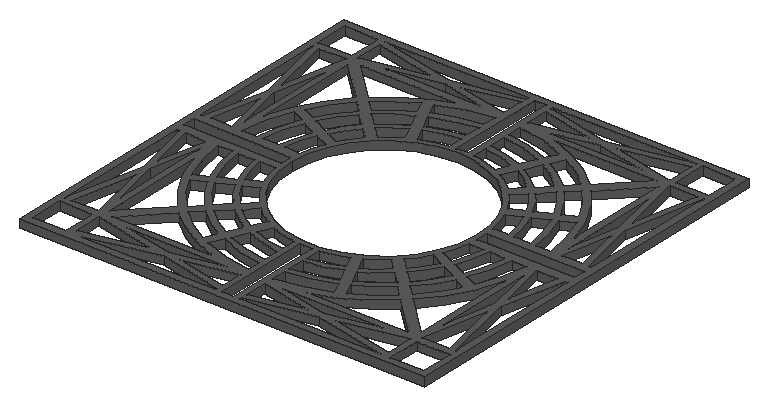
Revit family "Приствольная решётка (квадратная) Р-09", category Антураж, Revit 2017
Family settings
  На основе рабочей плоскости = Нет
  Всегда вертикально = Да
  При загрузке вырезать с полостями = Нет
  Источник визуального образа = Геометрия семейства
  Общий = Нет
  Точка расчета площади = Нет
Parameters (values of type "Приствольная решётка (квадратная) Р-09 1200х1200")
  Стоимость = 18960
  Изготовитель = "ООО \"Хоббика\""
  Высота = 0 mm
  URL = "https://hobbyka.ru/product/pristvolnaya_reshetka_kvadratnaya_r09/?sphrase_id=70607"
  ADSK_Размер_Ширина = 1200 mm
  ADSK_Размер_Длина = 1200 mm
  ADSK_Размер_Высота = 25 mm
  ADSK_Наименование = "Приствольная решётка (квадратная) Р-09"
  ADSK_Материал решетки = Чугун, серый
  ADSK_Код изделия = "12071"
Reference planes
  plane 1 "По центру (Вперед/Назад)": y = 0
  plane 2: z = 0
  plane 3 "По центру (Влево/Вправо)": x = 0
Forms (mm)
  Extrusion 1, solid, material "Чугун, серый" <- "ADSK_Материал решетки"
    sketch origin (-673.729, -668.211, 0) x (1, 0, 0) y (0, 1, 0)
      loop
        circle (673.729, 668.211) r 275
      loop
        line (503.59, 287.499) -> (484.731, 248.831)
        arc (484.731, 248.831) -> (559.534, 222.611) -> (637.729, 209.622) r 460
        line (637.729, 209.622) -> (637.729, 252.768)
        arc (637.729, 252.768) -> (569.207, 264.523) -> (503.59, 287.499) r 417
      loop
        arc (384.288, 650.211) -> (383.729, 668.211) -> (384.288, 686.211) r 290
        line (384.288, 686.211) -> (93.729, 686.211) -> (93.729, 650.211) -> (384.288, 650.211)
      loop
        arc (807.896, 975.171) -> (759.807, 991.964) -> (709.729, 1001.271) r 335
        line (709.729, 1001.271) -> (709.729, 955.968)
        arc (709.729, 955.968) -> (749.688, 948.087) -> (788.149, 934.685) r 290
        line (788.149, 934.685) -> (807.896, 975.171)
      loop
        line (843.867, 1048.924) -> (862.727, 1087.592)
        arc (862.727, 1087.592) -> (787.923, 1113.812) -> (709.729, 1126.8) r 460
        line (709.729, 1126.8) -> (709.729, 1083.654)
        arc (709.729, 1083.654) -> (778.251, 1071.9) -> (843.867, 1048.924) r 417
      loop
        line (960.216, 713.211) -> (1005.693, 713.211)
        arc (1005.693, 713.211) -> (996.286, 758.663) -> (980.688, 802.378) r 335
        line (980.688, 802.378) -> (940.202, 782.632)
        arc (940.202, 782.632) -> (952.379, 748.547) -> (960.216, 713.211) r 290
      loop
        arc (1071.189, 713.211) -> (1059.683, 773.28) -> (1039.153, 830.893) r 400
        line (1039.153, 830.893) -> (994.721, 809.222)
        arc (994.721, 809.222) -> (1011.504, 762.171) -> (1021.429, 713.211) r 350.6
        line (1021.429, 713.211) -> (1071.189, 713.211)
      loop
        arc (968.437, 827.497) -> (946.43, 862.785) -> (920.221, 895.074) r 335
        line (920.221, 895.074) -> (888.369, 863.222)
        arc (888.369, 863.222) -> (909.795, 836.653) -> (927.95, 807.751) r 290
        line (927.95, 807.751) -> (968.437, 827.497)
      loop
        arc (532.718, 989.204) -> (584.142, 1007.172) -> (637.729, 1016.958) r 350.6
        line (637.729, 1016.958) -> (637.729, 1066.588)
        arc (637.729, 1066.588) -> (573.031, 1055.329) -> (511.047, 1033.635) r 400
        line (511.047, 1033.635) -> (532.718, 989.204)
      loop
        arc (388.843, 972.726) -> (431.537, 1007.67) -> (478.471, 1036.672) r 417
        line (478.471, 1036.672) -> (459.611, 1075.34)
        arc (459.611, 1075.34) -> (406.567, 1042.677) -> (358.422, 1003.147) r 460
        line (358.422, 1003.147) -> (388.843, 972.726)
      loop
        arc (215.935, 623.211) -> (229.271, 549.646) -> (254.348, 479.213) r 460
        line (254.348, 479.213) -> (293.016, 498.073)
        arc (293.016, 498.073) -> (271.197, 559.319) -> (259.164, 623.211) r 417
        line (259.164, 623.211) -> (215.935, 623.211)
      loop
        line (215.935, 713.211) -> (259.164, 713.211)
        arc (259.164, 713.211) -> (271.197, 777.104) -> (293.016, 838.35) r 417
        line (293.016, 838.35) -> (254.348, 857.209)
        arc (254.348, 857.209) -> (229.271, 786.776) -> (215.935, 713.211) r 460
      loop
        line (387.241, 623.211) -> (341.765, 623.211)
        arc (341.765, 623.211) -> (351.171, 577.76) -> (366.769, 534.044) r 335
        line (366.769, 534.044) -> (407.255, 553.791)
        arc (407.255, 553.791) -> (395.078, 587.875) -> (387.241, 623.211) r 290
      loop
        line (1135.729, 798.427) -> (1135.729, 1110.582) -> (1022.813, 997.666)
        arc (1022.813, 997.666) -> (1091.327, 904.879) -> (1135.729, 798.427) r 480
      loop
        line (982.47, 834.342) -> (1026.901, 856.012)
        arc (1026.901, 856.012) -> (999.348, 900.531) -> (966.216, 941.069) r 400
        line (966.216, 941.069) -> (931.261, 906.114)
        arc (931.261, 906.114) -> (959.13, 871.844) -> (982.47, 834.342) r 350.6
      loop
        arc (836.41, 1033.635) -> (774.427, 1055.329) -> (709.729, 1066.588) r 400
        line (709.729, 1066.588) -> (709.729, 1016.958)
        arc (709.729, 1016.958) -> (763.316, 1007.172) -> (814.74, 989.204) r 350.6
        line (814.74, 989.204) -> (836.41, 1033.635)
      loop
        line (341.765, 713.211) -> (387.241, 713.211)
        arc (387.241, 713.211) -> (395.078, 748.547) -> (407.255, 782.632) r 290
        line (407.255, 782.632) -> (366.769, 802.378)
        arc (366.769, 802.378) -> (351.171, 758.663) -> (341.765, 713.211) r 335
      loop
        line (539.562, 975.171) -> (559.308, 934.685)
        arc (559.308, 934.685) -> (597.769, 948.087) -> (637.729, 955.968) r 290
        line (637.729, 955.968) -> (637.729, 1001.271)
        arc (637.729, 1001.271) -> (587.65, 991.964) -> (539.562, 975.171) r 335
      loop
        arc (946.586, 960.699) -> (906.048, 993.83) -> (861.53, 1021.384) r 400
        line (861.53, 1021.384) -> (839.859, 976.952)
        arc (839.859, 976.952) -> (877.361, 953.613) -> (911.631, 925.743) r 350.6
        line (911.631, 925.743) -> (946.586, 960.699)
      loop
        arc (900.591, 914.703) -> (868.302, 940.913) -> (833.015, 962.92) r 335
        line (833.015, 962.92) -> (813.268, 922.433)
        arc (813.268, 922.433) -> (842.171, 904.278) -> (868.74, 882.852) r 290
        line (868.74, 882.852) -> (900.591, 914.703)
      loop
        arc (1080.857, 882.329) -> (1048.195, 935.373) -> (1008.664, 983.518) r 460
        line (1008.664, 983.518) -> (978.244, 953.097)
        arc (978.244, 953.097) -> (1013.188, 910.403) -> (1042.19, 863.469) r 417
        line (1042.19, 863.469) -> (1080.857, 882.329)
      loop
        line (1003.183, 1017.295) -> (1114.099, 1128.211) -> (810.842, 1128.211)
        arc (810.842, 1128.211) -> (913.514, 1084.027) -> (1003.183, 1017.295) r 480
      loop
        arc (989.035, 1003.147) -> (940.89, 1042.677) -> (887.846, 1075.34) r 460
        line (887.846, 1075.34) -> (868.986, 1036.672)
        arc (868.986, 1036.672) -> (915.92, 1007.67) -> (958.614, 972.726) r 417
        line (958.614, 972.726) -> (989.035, 1003.147)
      loop
        arc (1131.522, 713.211) -> (1118.186, 786.776) -> (1093.109, 857.209) r 460
        line (1093.109, 857.209) -> (1054.441, 838.35)
        arc (1054.441, 838.35) -> (1076.26, 777.104) -> (1088.293, 713.211) r 417
        line (1088.293, 713.211) -> (1131.522, 713.211)
      loop
        arc (326.029, 713.211) -> (335.954, 762.171) -> (352.736, 809.222) r 350.6
        line (352.736, 809.222) -> (308.305, 830.893)
        arc (308.305, 830.893) -> (287.775, 773.28) -> (276.268, 713.211) r 400
        line (276.268, 713.211) -> (326.029, 713.211)
      loop
        arc (344.274, 1017.295) -> (433.944, 1084.027) -> (536.616, 1128.211) r 480
        line (536.616, 1128.211) -> (233.358, 1128.211) -> (344.274, 1017.295)
      loop
        arc (211.729, 798.427) -> (256.13, 904.879) -> (324.645, 997.666) r 480
        line (324.645, 997.666) -> (211.729, 1110.582) -> (211.729, 798.427)
      loop
        arc (305.268, 863.469) -> (334.27, 910.403) -> (369.214, 953.097) r 417
        line (369.214, 953.097) -> (338.793, 983.518)
        arc (338.793, 983.518) -> (299.263, 935.373) -> (266.6, 882.329) r 460
        line (266.6, 882.329) -> (305.268, 863.469)
      loop
        arc (364.988, 834.342) -> (388.327, 871.844) -> (416.197, 906.114) r 350.6
        line (416.197, 906.114) -> (381.241, 941.069)
        arc (381.241, 941.069) -> (348.11, 900.531) -> (320.556, 856.012) r 400
        line (320.556, 856.012) -> (364.988, 834.342)
      loop
        line (379.02, 827.497) -> (419.507, 807.751)
        arc (419.507, 807.751) -> (437.662, 836.653) -> (459.088, 863.222) r 290
        line (459.088, 863.222) -> (427.237, 895.074)
        arc (427.237, 895.074) -> (401.027, 862.785) -> (379.02, 827.497) r 335
      loop
        arc (478.718, 882.852) -> (505.287, 904.278) -> (534.189, 922.433) r 290
        line (534.189, 922.433) -> (514.443, 962.92)
        arc (514.443, 962.92) -> (479.155, 940.913) -> (446.866, 914.703) r 335
        line (446.866, 914.703) -> (478.718, 882.852)
      loop
        arc (435.826, 925.743) -> (470.096, 953.613) -> (507.598, 976.952) r 350.6
        line (507.598, 976.952) -> (485.928, 1021.384)
        arc (485.928, 1021.384) -> (441.409, 993.83) -> (400.871, 960.699) r 400
        line (400.871, 960.699) -> (435.826, 925.743)
      loop
        arc (503.59, 1048.924) -> (569.207, 1071.9) -> (637.729, 1083.654) r 417
        line (637.729, 1083.654) -> (637.729, 1126.8)
        arc (637.729, 1126.8) -> (559.534, 1113.812) -> (484.731, 1087.592) r 460
        line (484.731, 1087.592) -> (503.59, 1048.924)
      loop
        arc (788.149, 401.738) -> (749.688, 388.336) -> (709.729, 380.454) r 290
        line (709.729, 380.454) -> (709.729, 335.151)
        arc (709.729, 335.151) -> (759.807, 344.459) -> (807.896, 361.252) r 335
        line (807.896, 361.252) -> (788.149, 401.738)
      loop
        line (1005.693, 623.211) -> (960.216, 623.211)
        arc (960.216, 623.211) -> (952.379, 587.875) -> (940.202, 553.791) r 290
        line (940.202, 553.791) -> (980.688, 534.044)
        arc (980.688, 534.044) -> (996.286, 577.76) -> (1005.693, 623.211) r 335
      loop
        arc (843.867, 287.499) -> (778.251, 264.523) -> (709.729, 252.768) r 417
        line (709.729, 252.768) -> (709.729, 209.622)
        arc (709.729, 209.622) -> (787.923, 222.611) -> (862.727, 248.831) r 460
        line (862.727, 248.831) -> (843.867, 287.499)
      loop
        arc (814.74, 347.219) -> (763.316, 329.25) -> (709.729, 319.464) r 350.6
        line (709.729, 319.464) -> (709.729, 269.835)
        arc (709.729, 269.835) -> (774.427, 281.094) -> (836.41, 302.787) r 400
        line (836.41, 302.787) -> (814.74, 347.219)
      loop
        arc (911.631, 410.679) -> (877.361, 382.81) -> (839.859, 359.47) r 350.6
        line (839.859, 359.47) -> (861.53, 315.039)
        arc (861.53, 315.039) -> (906.048, 342.592) -> (946.586, 375.724) r 400
        line (946.586, 375.724) -> (911.631, 410.679)
      loop
        arc (868.74, 453.571) -> (842.171, 432.145) -> (813.268, 413.99) r 290
        line (813.268, 413.99) -> (833.015, 373.503)
        arc (833.015, 373.503) -> (868.302, 395.51) -> (900.591, 421.719) r 335
        line (900.591, 421.719) -> (868.74, 453.571)
      loop
        arc (927.95, 528.672) -> (909.795, 499.769) -> (888.369, 473.2) r 290
        line (888.369, 473.2) -> (920.221, 441.349)
        arc (920.221, 441.349) -> (946.43, 473.638) -> (968.437, 508.925) r 335
        line (968.437, 508.925) -> (927.95, 528.672)
      loop
        arc (982.47, 502.081) -> (959.13, 464.579) -> (931.261, 430.309) r 350.6
        line (931.261, 430.309) -> (966.216, 395.354)
        arc (966.216, 395.354) -> (999.348, 435.892) -> (1026.901, 480.41) r 400
        line (1026.901, 480.41) -> (982.47, 502.081)
      loop
        arc (1042.19, 472.954) -> (1013.188, 426.02) -> (978.244, 383.326) r 417
        line (978.244, 383.326) -> (1008.664, 352.905)
        arc (1008.664, 352.905) -> (1048.195, 401.05) -> (1080.857, 454.094) r 460
        line (1080.857, 454.094) -> (1042.19, 472.954)
      loop
        arc (1135.729, 537.996) -> (1091.327, 431.544) -> (1022.813, 338.757) r 480
        line (1022.813, 338.757) -> (1135.729, 225.841) -> (1135.729, 537.996)
      loop
        arc (1003.183, 319.127) -> (913.514, 252.395) -> (810.842, 208.211) r 480
        line (810.842, 208.211) -> (1114.099, 208.211) -> (1003.183, 319.127)
      loop
        arc (1021.429, 623.211) -> (1011.504, 574.252) -> (994.721, 527.2) r 350.6
        line (994.721, 527.2) -> (1039.153, 505.53)
        arc (1039.153, 505.53) -> (1059.683, 563.142) -> (1071.189, 623.211) r 400
        line (1071.189, 623.211) -> (1021.429, 623.211)
      loop
        arc (958.614, 363.696) -> (915.92, 328.752) -> (868.986, 299.75) r 417
        line (868.986, 299.75) -> (887.846, 261.083)
        arc (887.846, 261.083) -> (940.89, 293.745) -> (989.035, 333.276) r 460
        line (989.035, 333.276) -> (958.614, 363.696)
      loop
        line (1131.522, 623.211) -> (1088.293, 623.211)
        arc (1088.293, 623.211) -> (1076.26, 559.319) -> (1054.441, 498.073) r 417
        line (1054.441, 498.073) -> (1093.109, 479.213)
        arc (1093.109, 479.213) -> (1118.186, 549.646) -> (1131.522, 623.211) r 460
      loop
        line (388.843, 363.696) -> (358.422, 333.276)
        arc (358.422, 333.276) -> (406.567, 293.745) -> (459.611, 261.083) r 460
        line (459.611, 261.083) -> (478.471, 299.75)
        arc (478.471, 299.75) -> (431.537, 328.752) -> (388.843, 363.696) r 417
      loop
        arc (276.268, 623.211) -> (287.775, 563.142) -> (308.305, 505.53) r 400
        line (308.305, 505.53) -> (352.736, 527.2)
        arc (352.736, 527.2) -> (335.954, 574.252) -> (326.029, 623.211) r 350.6
        line (326.029, 623.211) -> (276.268, 623.211)
      loop
        line (344.274, 319.127) -> (233.358, 208.211) -> (536.616, 208.211)
        arc (536.616, 208.211) -> (433.944, 252.395) -> (344.274, 319.127) r 480
      loop
        line (211.729, 537.996) -> (211.729, 225.841) -> (324.645, 338.757)
        arc (324.645, 338.757) -> (256.13, 431.544) -> (211.729, 537.996) r 480
      loop
        arc (266.6, 454.094) -> (299.263, 401.05) -> (338.793, 352.905) r 460
        line (338.793, 352.905) -> (369.214, 383.326)
        arc (369.214, 383.326) -> (334.27, 426.02) -> (305.268, 472.954) r 417
        line (305.268, 472.954) -> (266.6, 454.094)
      loop
        arc (320.556, 480.41) -> (348.11, 435.892) -> (381.241, 395.354) r 400
        line (381.241, 395.354) -> (416.197, 430.309)
        arc (416.197, 430.309) -> (388.327, 464.579) -> (364.988, 502.081) r 350.6
        line (364.988, 502.081) -> (320.556, 480.41)
      loop
        arc (379.02, 508.925) -> (401.027, 473.638) -> (427.237, 441.349) r 335
        line (427.237, 441.349) -> (459.088, 473.2)
        arc (459.088, 473.2) -> (437.662, 499.769) -> (419.507, 528.672) r 290
        line (419.507, 528.672) -> (379.02, 508.925)
      loop
        arc (446.866, 421.719) -> (479.155, 395.51) -> (514.443, 373.503) r 335
        line (514.443, 373.503) -> (534.189, 413.99)
        arc (534.189, 413.99) -> (505.287, 432.145) -> (478.718, 453.571) r 290
        line (478.718, 453.571) -> (446.866, 421.719)
      loop
        arc (400.871, 375.724) -> (441.409, 342.592) -> (485.928, 315.039) r 400
        line (485.928, 315.039) -> (507.598, 359.47)
        arc (507.598, 359.47) -> (470.096, 382.81) -> (435.826, 410.679) r 350.6
        line (435.826, 410.679) -> (400.871, 375.724)
      loop
        arc (511.047, 302.787) -> (573.031, 281.094) -> (637.729, 269.835) r 400
        line (637.729, 269.835) -> (637.729, 319.464)
        arc (637.729, 319.464) -> (584.142, 329.25) -> (532.718, 347.219) r 350.6
        line (532.718, 347.219) -> (511.047, 302.787)
      loop
        arc (539.562, 361.252) -> (587.65, 344.459) -> (637.729, 335.151) r 335
        line (637.729, 335.151) -> (637.729, 380.454)
        arc (637.729, 380.454) -> (597.769, 388.336) -> (559.308, 401.738) r 290
        line (559.308, 401.738) -> (539.562, 361.252)
      loop
        arc (691.729, 378.77) -> (673.729, 378.211) -> (655.729, 378.77) r 290
        line (655.729, 378.77) -> (655.729, 88.211) -> (691.729, 88.211) -> (691.729, 378.77)
      loop
        arc (963.17, 686.211) -> (963.729, 668.211) -> (963.17, 650.211) r 290
        line (963.17, 650.211) -> (1253.729, 650.211) -> (1253.729, 686.211) -> (963.17, 686.211)
      loop
        line (691.729, 957.652) -> (691.729, 1248.211) -> (655.729, 1248.211) -> (655.729, 957.652)
        arc (655.729, 957.652) -> (673.729, 958.211) -> (691.729, 957.652) r 290
      loop
        line (103.511, 623.211) -> (93.729, 623.211) -> (93.729, 208.211) -> (143.729, 438.211) -> (103.511, 623.211)
      loop
        line (863.149, 1189.211) -> (709.729, 1222.419) -> (709.729, 1156.004) -> (863.149, 1189.211)
      loop
        line (1153.729, 1248.211) -> (1153.729, 1148.211) -> (1253.729, 1148.211) -> (1253.729, 1248.211) -> (1153.729, 1248.211)
      loop
        line (93.729, 188.211) -> (93.729, 88.211) -> (193.729, 88.211) -> (193.729, 188.211) -> (93.729, 188.211)
      loop
        line (294.889, 188.211) -> (442.729, 156.211) -> (590.569, 188.211) -> (294.889, 188.211)
      loop
        line (152.729, 396.811) -> (111.729, 208.211) -> (193.729, 208.211) -> (152.729, 396.811)
      loop
        line (401.149, 147.211) -> (211.729, 188.211) -> (211.729, 106.211) -> (401.149, 147.211)
      loop
        line (1273.729, 1268.211) -> (73.729, 1268.211) -> (73.729, 68.211) -> (1273.729, 68.211) -> (1273.729, 1268.211)
      loop
        line (152.681, 479.393) -> (183.946, 623.211) -> (121.489, 623.211) -> (152.681, 479.393)
      loop
        line (152.681, 857.03) -> (121.489, 713.211) -> (183.946, 713.211) -> (152.681, 857.03)
      loop
        line (152.729, 939.611) -> (193.729, 1128.211) -> (111.729, 1128.211) -> (152.729, 939.611)
      loop
        line (193.729, 1046.287) -> (161.671, 898.478) -> (185.059, 790.89) -> (193.729, 751.011) -> (193.729, 1046.287)
      loop
        line (193.729, 290.135) -> (193.729, 585.411) -> (185.059, 545.533) -> (161.671, 437.945) -> (193.729, 290.135)
      loop
        line (1194.776, 857.03) -> (1163.511, 713.211) -> (1225.969, 713.211) -> (1194.776, 857.03)
      loop
        line (211.729, 1148.211) -> (401.149, 1189.211) -> (211.729, 1230.211) -> (211.729, 1148.211)
      loop
        line (193.729, 1248.211) -> (93.729, 1248.211) -> (93.729, 1148.211) -> (193.729, 1148.211) -> (193.729, 1248.211)
      loop
        line (590.569, 1148.211) -> (442.729, 1180.211) -> (294.889, 1148.211) -> (590.569, 1148.211)
      loop
        line (1253.729, 188.211) -> (1153.729, 188.211) -> (1153.729, 88.211) -> (1253.729, 88.211) -> (1253.729, 188.211)
      loop
        line (863.149, 147.211) -> (709.729, 180.419) -> (709.729, 114.004) -> (863.149, 147.211)
      loop
        line (1253.729, 713.211) -> (1253.729, 1128.211) -> (1203.729, 898.211) -> (1243.946, 713.211) -> (1253.729, 713.211)
      loop
        line (1052.569, 1148.211) -> (904.729, 1180.211) -> (756.889, 1148.211) -> (1052.569, 1148.211)
      loop
        line (1162.398, 790.89) -> (1185.787, 898.478) -> (1153.729, 1046.287) -> (1153.729, 751.011) -> (1162.398, 790.89)
      loop
        line (1194.729, 939.611) -> (1235.729, 1128.211) -> (1153.729, 1128.211) -> (1194.729, 939.611)
      loop
        line (946.309, 1189.211) -> (1135.729, 1148.211) -> (1135.729, 1230.211) -> (946.309, 1189.211)
      loop
        line (709.729, 1240.419) -> (904.729, 1198.211) -> (1135.729, 1248.211) -> (709.729, 1248.211) -> (709.729, 1240.419)
      loop
        line (637.729, 1240.419) -> (637.729, 1248.211) -> (211.729, 1248.211) -> (442.729, 1198.211) -> (637.729, 1240.419)
      loop
        line (103.511, 713.211) -> (143.729, 898.211) -> (93.729, 1128.211) -> (93.729, 713.211) -> (103.511, 713.211)
      loop
        line (484.309, 1189.211) -> (637.729, 1156.004) -> (637.729, 1222.419) -> (484.309, 1189.211)
      loop
        line (1243.946, 623.211) -> (1203.729, 438.211) -> (1253.729, 208.211) -> (1253.729, 623.211) -> (1243.946, 623.211)
      loop
        line (756.889, 188.211) -> (904.729, 156.211) -> (1052.569, 188.211) -> (756.889, 188.211)
      loop
        line (1153.729, 290.135) -> (1185.787, 437.945) -> (1162.398, 545.533) -> (1153.729, 585.411) -> (1153.729, 290.135)
      loop
        line (1235.729, 208.211) -> (1194.729, 396.811) -> (1153.729, 208.211) -> (1235.729, 208.211)
      loop
        line (946.309, 147.211) -> (1135.729, 106.211) -> (1135.729, 188.211) -> (946.309, 147.211)
      loop
        line (1163.511, 623.211) -> (1194.776, 479.393) -> (1225.969, 623.211) -> (1163.511, 623.211)
      loop
        line (1135.729, 88.211) -> (904.729, 138.211) -> (709.729, 96.004) -> (709.729, 88.211) -> (1135.729, 88.211)
      loop
        line (637.729, 96.004) -> (442.729, 138.211) -> (211.729, 88.211) -> (637.729, 88.211) -> (637.729, 96.004)
      loop
        line (484.309, 147.211) -> (637.729, 114.004) -> (637.729, 180.419) -> (484.309, 147.211)
    from 0 to 25
Dimensions and locks
  aligned and locked: level to plane 2
